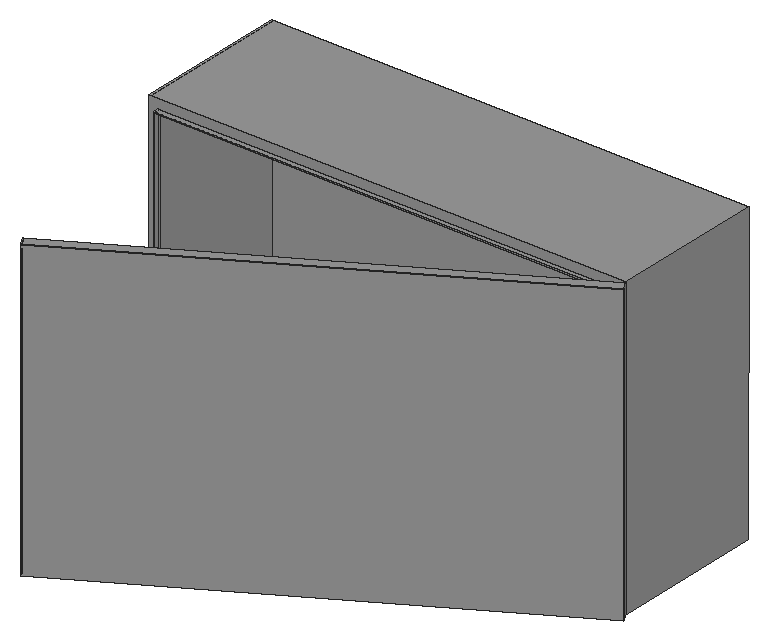
Revit family "Hager-Univers-IP55-D275-H500-Cl.II-Steel_encl-NoHosted-PT-pt", category Electrical Equipment, Revit 2020
Family settings
  Panel Configuration = Two Columns, Circuits Across
  Round Connector Dimension = Use Diameter
  Part Type = Panelboard
  Work Plane-Based = Yes
  Always vertical = Yes
  Cut with Voids When Loaded = No
  Shared = No
  Room Calculation Point = No
Parameters (values of type "Montagem em superfície (gesso) IP55 L800 A500 P275  - FR33S")
  Width Control [instance] = if([EF000008 - Largura] > Min Width, [EF000008 - Largura], Min Width)  # 800 mm
  Type Comments = [HG000003 - Gama]  # "Univers"
  Thickness Door [instance] = if([EF009171 - Espessura do material da porta/tampa] > 3 mm, 3 mm, [EF009171 - Espessura do material da porta/tampa])  # 1.5 mm
  Seal Frame Offset [instance] = 17 mm  # constant formula
  Plinth Visibility [instance] = [HG000027 - Altura da Plinta] > 0 mm  # no
  Min Width [instance] = 100 mm  # constant formula
  Min Depth [instance] = (2 * [EF009170 - Espessura do material do invólucro]) + 1 mm  # 4 mm
  Min Height [instance] = 100 mm  # constant formula
  Internal Frame Depth [instance] = (Door System Depth * 0.5)  # 9 mm
  Panel Name [instance] = ""  # (empty or 0)
  Model = ""
  HG000027 - Altura da Plinta = 0 mm
  HG000026 - Instalação no chão = no
  HG000024 - Altura da secção inferior = 600 mm
  HG000023 - Recinto de secção dupla = no
  HG000016 - Visibilidade da porta 3D [instance] = yes
  HG000015 - Visibilidade através da porta [instance] = no
  HG000014 - Porta à direita [instance] = yes
  HG000013 - Porta à esquerda [instance] = not([HG000014 - Porta à direita])  # no
  HG000012 - Ângulo de abertura de porta [instance] = 30.00°
  HG000010 - Portas assimétricas = no
  HG000009 - Porta dupla = no
  HG000006 - Encastrado = no
  HG000004 - Referência do Fabricante = "FR33S"
  HG000003 - Gama = "Univers"
  HG000002 - Com porta ou tampa = yes
  Frame Offset Bottom [instance] = 10 mm  # constant formula
  Frame Offset [instance] = 15 mm  # constant formula
  EF015940 - Tampa com libertação de sobrepressão = no
  EF011959 - Grau de proteção (NEMA) = ""
  EF009554 - Número de aberturas para placas de flange = 6
  EF009212 - Tipo de tampa = "EV000116 - Fechado"
  EF009171 - Espessura do material da porta/tampa = 1.5 mm
  EF009170 - Espessura do material do invólucro = 1.5 mm
  EF008873 - Corrente nominal (In) = 800 A
  EF007800 - Adequado para proteção contra raios = no
  EF006306 - Com fecho = no
  EF006244 - Tampa/porta transparente = no
  EF005474 - Grau de proteção (IP) = "EV006420 - IP55"
  EF004464 - Tipo de porta = "EV002646 - Único"
  EF004427 - Número de módulos = 108
  EF004293 - Força de impacto = "EV008784 - IK10"
  EF003532 - Adequado para uso no exterior = no
  EF002950 - Largura em número de módulos = 24
  EF001613 - Integridade do circuito = "EV000494 - Nenhum"
  EF001596 - Material do corpo = "EV000179 - Aço"
  EF001131 - Profundidade interior = 275 mm
  EF001088 - Extensão possível = yes
  EF000437 - Número de entradas de condutores = 6
  EF000339 - Tipo de difusor = "EV004216 - Porta"
  EF000266 - Número de linhas = 3
  EF000218 - Profundidade incorporada = 0 mm
  EF000118 - Com tampa de montagem = no
  EF000116 - Número RAL = "7035"
  EF000049 - Profundidade = 275 mm
  EF000040 - Altura = 500 mm
  EF000008 - Largura = 800 mm
  EF000007 - Cor = "EV000270 - Cinzento"
  EF000003 - Método de montagem = "EV000384 - Montagem em superfície (gesso)"
  Door System Leaf Tolerance [instance] = 1.5 mm  # constant formula
  Door System Depth [instance] = 18 mm  # constant formula
  Door Height [instance] = Height Control - [HG000027 - Altura da Plinta]  # 500 mm
  Description = ""
  Default Elevation = 1219.2 mm
  Connector Offset [instance] = Height Control / 2  # 250 mm
  Manufacturer = "Hager"  # constant formula
  Height Control [instance] = if([EF000040 - Altura] > Min Height, [EF000040 - Altura], Min Height)  # 500 mm
  Depth Control [instance] = if([EF000049 - Profundidade] > Min Depth, [EF000049 - Profundidade], Min Depth)  # 275 mm
  Bottom Top Plate Trim [instance] = 1.5 mm  # constant formula
  Plinth height Ctrl [instance] = if([HG000027 - Altura da Plinta] > 0 mm, [HG000027 - Altura da Plinta], 12 mm)  # 12 mm
Types (5, lengths in mm): name | Width Control | HG000010 - Portas assimétricas | HG000009 - Porta dupla | HG000004 - Referência do Fabricante | EF009554 - Número de aberturas para placas de flange | EF004464 - Tipo de porta | EF004427 - Número de módulos | EF000437 - Número de entradas de condutores | EF000008 - Largura
  Montagem em superfície (gesso) IP55 L1050 A500 P275  - FR34S | 1050 | no | yes | "FR34S" | 8 | "EV003602 - Duplo" | 144 | 8 | 1050
  Montagem em superfície (gesso) IP55 L1300 A500 P275  - FR35S | 1300 | yes | yes | "FR35S" | 10 | "EV003602 - Duplo" | 180 | 10 | 1300
  Montagem em superfície (gesso) IP55 L300 A500 P275  - FR31S | 300 | no | no | "FR31S" | 2 | "EV002646 - Único" | 36 | 2 | 300
  Montagem em superfície (gesso) IP55 L550 A500 P275  - FR32S | 550 | no | no | "FR32S" | 4 | "EV002646 - Único" | 72 | 4 | 550
  Montagem em superfície (gesso) IP55 L800 A500 P275  - FR33S | 800 | no | no | "FR33S" | 6 | "EV002646 - Único" | 108 | 6 | 800
Reference planes
  plane 1 "Center (Front/Back)": y = 0
  plane 2: z = 0
  plane 3 "Center (Left/Right)": x = 0
  plane 4: y = 0
  plane 5: y = 0
  plane 6: z = 0
  plane 7: x = -400
  plane 8: x = 400
  plane 9: x = 398.5
  plane 10: x = -398.5
  plane 11: z = 0
  plane 12: z = 1.5
  plane 13: y = -275
  plane 14: y = -1.5
  plane 15: x = 0
  plane 16: y = -257
  plane 17: y = -273.5
  plane 18: y = -255.5
  plane 19: x = -383.5
  plane 20: x = 383.5
  plane 21: z = 11.5
  plane 22: x = -383
  plane 23: x = 383
  plane 24: z = 0
  plane 25: z = 500
  plane 26: z = 500
  plane 27: z = 483.5
  plane 28: z = 498.5
Forms (mm)
  Extrusion 1, solid, material "Hager_Steel_RAL7035_Light_Grey", detail levels medium+fine
    sketch origin (-208.679, -4572, 0) x (-1, 0, 0) y (0, -1, 0)
      loop
        line (191.321, -4315) -> (-608.679, -4315) -> (-608.679, -4572) -> (191.321, -4572) -> (191.321, -4315)
    from 0 to 500
  Extrusion 2, void
    sketch origin (-350.771, -275, 1219.2) x (1, 0, 0) y (0, 0, 1)
      loop
        line (-47.729, -720.7) -> (-47.729, -1217.7) -> (749.271, -1217.7) -> (749.271, -720.7) -> (-47.729, -720.7)
    from -19.5 to -273.5
  Extrusion 3, void
    sketch origin (-290.084, -257, 1219.2) x (1, 0, 0) y (0, 0, 1)
      loop
        line (-93.416, -1207.7) -> (673.584, -1207.7) -> (673.584, -735.7) -> (-93.416, -735.7) -> (-93.416, -1207.7)
    from 0 to -1.5
  Extrusion 4, solid, material "Hager_Steel_RAL7035_Light_Grey", visible <- "Plinth Visibility", detail levels medium+fine
    sketch origin (0, 0, 0) x (1, 0, 0) y (0, 1, 0)
      loop
        line (-400, 0) -> (-400, -257) -> (400, -257) -> (400, 0) -> (-400, 0)
    from 0 to 12 <- "Plinth height Ctrl"
  Extrusion 5, solid, material "Hager_Steel_RAL7035_Light_Grey", detail levels coarse
    sketch origin (0, 0, 0) x (1, 0, 0) y (0, 1, 0)
      loop
        line (-400, 0) -> (-400, -275) -> (400, -275) -> (400, 0) -> (-400, 0)
    from 0 to 500 <- "Height Control"
  Sweep 6, void
    path in 3D
      loop
        line (-400, -257, 12) -> (400, -257, 12) -> (400, 0, 12) -> (-400, 0, 12) -> (-400, -257, 12)
    profile origin (-400, -128.5, 12) x (1, 0, 0) y (0, 0, 1)
      loop
        line (0, 0) -> (0, -1.5) -> (1.5, -1.5)
        arc (1.5, -1.5) -> (1.061, -0.439) -> (0, 0) r 1.5
  Extrusion 7, solid, material "Hager_Steel_RAL7035_Light_Grey", detail levels fine
    sketch origin (-400, -257, 0) x (1, 0, 0) y (0, 0, 1)
      loop
        line (16.5, 11.5) -> (783.5, 11.5) -> (783.5, 483.5) -> (16.5, 483.5) -> (16.5, 11.5)
      loop
        line (15, 10) -> (785, 10) -> (785, 485) -> (15, 485) -> (15, 10)
    from 0 to 9 <- "Internal Frame Depth"
Cuts and joins
  Extrusion 2, Extrusion 3 cuts Extrusion 1
  Sweep 6 cuts Extrusion 4
Lines and regions (mm)
  Masking region 1
    outline origin (0, 0, 0) x (1, 0, 0) y (0, 1, 0)
      loop
        line (-400, 0) -> (-400, -275) -> (400, -275) -> (400, 0) -> (-400, 0)
  Masking region 2, detail levels coarse
    outline origin (-290.084, -257, 1219.2) x (-1, 0, 0) y (0, 0, 1)
      loop
        line (-690.084, -1219.2) -> (109.916, -1219.2) -> (109.916, -719.2) -> (-690.084, -719.2) -> (-690.084, -1219.2)
  Masking region 3, detail levels coarse
    outline origin (0, 0, 0) x (0, 1, 0) y (0, 0, 1)
      loop
        line (0, 0) -> (0, 500) -> (-275, 500) -> (-275, 0) -> (0, 0)
  Masking region 4, visible <- "Plinth Visibility", detail levels medium+fine
    outline origin (0, 0, 0) x (0, 1, 0) y (0, 0, 1)
      loop
        line (-1.5, 12) -> (-255.5, 12)
        arc (-255.5, 12) -> (-255.939, 10.939) -> (-257, 10.5) r 1.5
        line (-257, 10.5) -> (-257, 0) -> (0, 0) -> (0, 10.5)
        arc (0, 10.5) -> (-1.061, 10.939) -> (-1.5, 12) r 1.5
  Masking region 5, detail levels medium+fine
    outline origin (0, 0, 594.038) x (0, 1, 0) y (0, 0, 1)
      loop
        line (0, -594.038) -> (0, -94.038) -> (-257, -94.038) -> (-257, -594.038) -> (0, -594.038)
  Masking region 6, detail levels medium+fine
    outline origin (-359.7, -257, 1211.883) x (-1, 0, 0) y (0, 0, 1)
      loop
        line (-759.7, -1211.883) -> (40.3, -1211.883) -> (40.3, -711.883) -> (-759.7, -711.883) -> (-759.7, -1211.883)
  Masking region 7, visible <- "Plinth Visibility", detail levels medium+fine
    outline origin (-320.334, -257, 1041.368) x (-1, 0, 0) y (0, 0, 1)
      loop
        line (-720.334, -1041.368) -> (79.666, -1041.368) -> (79.666, -1030.868)
        arc (79.666, -1030.868) -> (78.606, -1030.429) -> (78.166, -1029.368) r 1.5
        line (78.166, -1029.368) -> (-718.834, -1029.368)
        arc (-718.834, -1029.368) -> (-719.273, -1030.429) -> (-720.334, -1030.868) r 1.5
        line (-720.334, -1030.868) -> (-720.334, -1041.368)
  sketch lines
    curve 1: line (-400, 0, 12) -> (-400, -257, 12)
    curve 2: line (-400, -257, 12) -> (400, -257, 12)
    curve 3: line (400, 0, 12) -> (-400, 0, 12)
    curve 4: line (400, -257, 12) -> (400, 0, 12)
Dimensions and locks
  locked: plane 1 "Center (Front/Back)" to plane 5
  "EF009170 - Espessura do material do invólucro": plane 7 to plane 10
  "EF009170 - Espessura do material do invólucro": plane 8 to plane 9
  equal spacing: plane 7, plane 3 "Center (Left/Right)", plane 8
  "Width Control": plane 7 to plane 8
  "Depth Control": plane 4 to plane 13
  "EF009170 - Espessura do material do invólucro": plane 4 to plane 14
  "Height Control": plane 25 to level
  "HG000027 - Altura da Plinta": plane 11 to level
  "EF009170 - Espessura do material do invólucro": plane 12 to plane 11
  "EF009170 - Espessura do material do invólucro": plane 17 to plane 13
  "EF009170 - Espessura do material do invólucro": plane 18 to plane 16
  "Frame Offset Bottom": plane 21 to plane 12
  "Frame Offset": plane 10 to plane 19
  "Frame Offset": plane 9 to plane 20
  "Door System Depth": plane 16 to plane 13
  "Seal Frame Offset": plane 7 to plane 22
  "Seal Frame Offset": plane 8 to plane 23
  "EF009170 - Espessura do material do invólucro": plane 26 to plane 28
  "Frame Offset": plane 28 to plane 27
  "Connector Offset": plane 2 to connector elem
  "Bottom Top Plate Trim": profile plane to Sweep 6 sketch curve
  "Bottom Top Plate Trim": Sweep 6 sketch curve to Sweep 6 sketch curve
  "Plinth height Ctrl": Masking region 4 sketch curve to level
  "Plinth height Ctrl": Masking region 7 sketch curve to level
  "Thickness Door": Extrusion 7 sketch curve to Extrusion 7 sketch curve  (x4)
  "Bottom Top Plate Trim": radius of Sweep 6 sketch curve
  "Bottom Top Plate Trim": radius of Masking region 4 sketch curve  (x2)
  "Bottom Top Plate Trim": radius of Masking region 7 sketch curve  (x2)
  aligned and locked: Extrusion 2 sketch curve to plane 12
  aligned and locked: Extrusion 2 sketch curve to plane 9
  aligned and locked: Extrusion 2 sketch curve to plane 10
  aligned and locked: Extrusion 2 to plane 14
  aligned and locked: Extrusion 1 sketch curve to plane 4
  aligned and locked: plane 8 to Extrusion 1 sketch curve
  aligned and locked: plane 7 to Extrusion 1 sketch curve
  aligned and locked: Extrusion 2 to plane 18
  aligned and locked: plane 19 to Extrusion 3 sketch curve
  aligned and locked: plane 20 to Extrusion 3 sketch curve
  aligned and locked: Extrusion 3 to Extrusion 2
  aligned and locked: Extrusion 3 sketch curve to plane 21
  aligned and locked: plane 3 "Center (Left/Right)" to nested 1
  aligned and locked: Extrusion 1 sketch curve to plane 16
  aligned and locked: Extrusion 4 sketch curve to cut or joined group of Extrusion 1, Extrusion 2, Extrusion 3
  aligned and locked: Masking region 1 sketch curve to plane 7
  aligned and locked: Masking region 1 sketch curve to plane 5
  aligned and locked: Masking region 1 sketch curve to plane 8
  aligned and locked: Masking region 2 sketch curve to level
  aligned and locked: level to Masking region 3 sketch curve
  aligned and locked: plane 1 "Center (Front/Back)" to Masking region 3 sketch curve
  aligned and locked: plane 13 to Masking region 3 sketch curve
  aligned and locked: plane 5 to Masking region 4 sketch curve
  aligned and locked: Masking region 2 sketch curve to plane 8
  aligned and locked: Masking region 2 sketch curve to plane 7
  aligned and locked: plane 7 to nested 2
  aligned and locked: nested 2 to plane 5
  aligned and locked: plane 5 to Masking region 5 sketch curve
  aligned and locked: plane 26 to Masking region 5 sketch curve
  aligned and locked: Extrusion 5 sketch curve to plane 8
  aligned and locked: Extrusion 5 sketch curve to plane 7
  aligned and locked: Extrusion 5 sketch curve to plane 5
  aligned and locked: Extrusion 3 sketch curve to plane 27
  aligned and locked: Extrusion 2 sketch curve to plane 28
  aligned and locked: Masking region 2 to plane 25
  aligned and locked: Extrusion 4 to plane 16
  aligned and locked: profile plane to Sweep 6 sketch curve
  aligned and locked: Masking region 5 sketch curve to plane 24
  aligned and locked: level to Masking region 4 sketch curve
  aligned and locked: Masking region 1 to plane 13
  aligned and locked: nested 1 to plane 16
  aligned and locked: Masking region 3 to plane 25
  aligned and locked: plane 16 to Masking region 4 sketch curve
  aligned and locked: Masking region 5 sketch curve to plane 16
  aligned and locked: plane 24 to plane 11
  aligned and locked: plane 26 to plane 25
  aligned and locked: plane 26 to cut or joined group of Extrusion 1, Extrusion 2, Extrusion 3
  aligned and locked: nested 1 to plane 24
  aligned and locked: Extrusion 1 to Extrusion 3
  aligned and locked: Masking region 6 sketch curve to plane 8
  aligned and locked: Masking region 6 sketch curve to plane 24
  aligned and locked: Masking region 6 sketch curve to plane 7
  aligned and locked: Masking region 6 sketch curve to plane 26
  aligned and locked: Masking region 7 sketch curve to plane 7
  aligned and locked: level to Masking region 7 sketch curve
  aligned and locked: Masking region 7 sketch curve to plane 8
  aligned and locked: Extrusion 7 sketch curve to cut or joined group of Extrusion 1, Extrusion 2, Extrusion 3  (x4)
Automatic sketch dimensions
  plane 19 to Extrusion 3 sketch curve = 0 mm
  Extrusion 3 sketch curve to plane 20 = 0 mm
  Extrusion 3 sketch curve to plane 21 = 0 mm
  Extrusion 4 sketch curve to plane 7 = 0 mm
  Extrusion 4 sketch curve to plane 8 = 0 mm
  Extrusion 4 sketch curve to plane 16 = 0 mm
  Masking region 1 sketch curve to plane 13 = 0 mm
  Masking region 2 sketch curve to plane 25 = 0 mm
  Masking region 3 sketch curve to plane 25 = 0 mm
  Extrusion 5 sketch curve to plane 13 = 0 mm
  profile plane to Sweep 6 sketch curve = 0 mm
Nested families
  nested 1: "EC000058_Univers_Door" at (0, -257, 0), Double <- "HG000009 - Porta dupla", Transparent <- "EF006244 - Tampa/porta transparente", Angle <- "HG000012 - Ângulo de abertura de porta", Door_Right <- "HG000014 - Porta à direita", Assymetrical <- "HG000010 - Portas assimétricas", Door <- "HG000002 - Com porta ou tampa", Width_Ctrl <- "Width Control", 3d_Door <- "HG000016 - Visibilidade da porta 3D", Clearance <- "HG000015 - Visibilidade através da porta", Door_Left <- "HG000013 - Porta à esquerda", Width <- "Width Control", Door_Depth <- "Door System Depth", Leaf_Tolerance <- "Door System Leaf Tolerance", Height <- "Door Height", Lock_Visibility <- "EF006306 - Com fecho", Thickness <- "Thickness Door", type "EC000058_Univers_Door", detail levels medium+fine
    with min_wh 4 mm, Width_Ctrl 800 mm, Width 800 mm, Transparent no, Thickness 1.5 mm, Seal_Material Hager_Rubber, Lock_Visibility no, Lock_Material Hager_Plastic_RAL9005_Jet_Black, Leaf_Width 800 mm, Leaf_Tolerance_External_Sides 0 mm, Leaf_Tolerance 1.5 mm, Leaf_Offset 0 mm, Leaf_Height 497 mm, Leaf_2_Width 800 mm, Leaf_2_Offset 400 mm, Leaf_1_Width 800 mm, Leaf_1_Offset 400 mm, Height_Ctrl 500 mm, Height 500 mm, Glass_Material Hager_Glass, Double_Clearance_Ctrl no, Double no, Door_Right_Ctrl yes, Door_Right yes, Door_Material Hager_Steel_RAL7035_Light_Grey, Door_Left_Ctrl no, Door_Left no, Door_Depth 18 mm, Door yes, Clearance_Material Hager_Clearance, Clearance_Depth 800 mm, Clearance_Ctrl no, Clearance no, Assymetrical no, Angle 30.00°, 3d_Door yes
  nested 2: "Hager_Enclosure_Symbol" at (-400, 0, 0), Height <- "Depth Control", Width <- "Width Control", type "Hager_Enclosure_Symbol"
    with Width_Ctrl 800 mm, Width 800 mm, Height_Ctrl 275 mm, Height 275 mm, A_Width_Int 18.047 mm, A_Width 216.562 mm, A_Height_Ctrl 240.625 mm, A_Height 240.625 mm
Connectors
  electrical at (0, 0, 250)
    settings: on plane 1 "Center (Front/Back)", index 1, voltage 0 V, apparent load 0 VA, apparent load phase1 0 VA, apparent load phase2 0 VA, apparent load phase3 0 VA, power factor 1, load classification "Other", number of poles 1, system type 30, power factor state 1, is connector primary yes, connector utility no, sub classification motor no, connector description ""
Definition of nested family "EC000058_Univers_Door"
  Parameters (values of type "EC000058_Univers_Door")
    min_wh [instance] = (2 * Thickness) + 1 mm  # 11 mm
    Width_Ctrl [instance] = 400 mm
    Width [instance] = 500 mm
    Transparent [instance] = yes
    Thickness [instance] = 5 mm
    Seal_Material [instance] = none
    Lock_Visibility [instance] = yes
    Lock_Material [instance] = none
    Leaf_Width [instance] = if((Width_Ctrl - 2 * Leaf_Tolerance_External_Sides) > 0 mm, (Width_Ctrl - 2 * Leaf_Tolerance_External_Sides), min_wh)  # 400 mm
    Leaf_Tolerance_External_Sides [instance] = 0 mm  # constant formula
    Leaf_Tolerance [instance] = 1.5 mm
    Leaf_Offset [instance] = 0 mm  # constant formula
    Leaf_Height [instance] = if((Height_Ctrl - 2 * Leaf_Tolerance) > 0 mm, (Height_Ctrl - 2 * Leaf_Tolerance), min_wh)  # 497 mm
    Leaf_2_Width [instance] = if(and(and(Double, Assymetrical), Door_Left), (Leaf_Width / 3) - (Leaf_Tolerance / 2), if(and(and(Double, Assymetrical), Door_Right), (Leaf_Width / 3) * 2 - (Leaf_Tolerance / 2), if(and(Double, not(Assymetrical)), (Leaf_Width / 2) - Leaf_Tolerance, Leaf_Width)))  # 400 mm
    Leaf_2_Offset [instance] = if(and(Double, Assymetrical), Leaf_2_Width / 2, if(and(Double, not(Assymetrical)), Leaf_Width / 4, Leaf_Width / 2))  # 200 mm
    Leaf_1_Width [instance] = if(and(and(Double, Assymetrical), Door_Right), (Leaf_Width / 3) - (Leaf_Tolerance / 2), if(and(and(Double, Assymetrical), Door_Left), (Width / 3) * 2 - (Leaf_Tolerance / 2), if(and(Double, not(Assymetrical)), (Leaf_Width / 2) - Leaf_Tolerance, Leaf_Width)))  # 400 mm
    Leaf_1_Offset [instance] = if(and(Double, Assymetrical), Leaf_1_Width / 2, if(and(Double, not(Assymetrical)), Leaf_Width / 4, Leaf_Width / 2))  # 200 mm
    Height_Ctrl [instance] = if(Height > min_wh, Height, min_wh)  # 500 mm
    Height [instance] = 500 mm
    Glass_Material [instance] = none
    Double_Clearance_Ctrl [instance] = and(Double, Clearance)  # no
    Double [instance] = no
    Door_Right_Ctrl [instance] = and(or(Door_Right, Double), Door)  # yes
    Door_Right [instance] = yes
    Door_Material [instance] = none
    Door_Left_Ctrl [instance] = and(or(Door_Left, Double), Door)  # no
    Door_Left [instance] = no
    Door_Depth [instance] = 30 mm
    Door [instance] = yes
    Default Elevation = 1219.2 mm
    Clearance_Material [instance] = none
    Clearance_Depth [instance] = if(Leaf_1_Width > Leaf_2_Width, Leaf_1_Width, Leaf_2_Width)  # 400 mm
    Clearance_Ctrl [instance] = and(not(Double), Clearance)  # yes
    Clearance [instance] = yes
    Assymetrical [instance] = yes
    Angle [instance] = 30.00°
    3d_Door [instance] = yes
  Reference planes
    plane 1 "Center (Front/Back)": y = 0
    plane 2 "Bottom": z = 0
    plane 3 "Center (Left/Right)": x = 0
    plane 4: z = 500
    plane 5: x = -200
    plane 6: x = 200
    plane 7: z = 500
    plane 8: x = -200
    plane 9: z = 0
    plane 10: x = 200
    plane 11: y = 0
    plane 12: z = 1.5
    plane 13: x = -600
    plane 14: y = -400
    plane 15: x = 600
    plane 16: x = 0
    plane 17: x = 0
    plane 18: x = -200
    plane 19: x = 200
    plane 20: z = 498.5
  Forms (mm)
    Extrusion 1, solid, material <- "Clearance_Material", visible <- "Double_Clearance_Ctrl"
      sketch origin (1200, 0, 0) x (1, 0, 0) y (0, 0, -1)
        loop
          line (-1800, -498.5) -> (-600, -498.5) -> (-600, 0) -> (-1800, 0) -> (-1800, -498.5)
      from 0 to -400
  Dimensions and locks
    equal spacing: plane 5, plane 3 "Center (Left/Right)", plane 6
    "Width_Ctrl": plane 5 to plane 6
    "Leaf_Offset": plane 5 to plane 8
    "Leaf_Offset": plane 6 to plane 10
    "Leaf_Offset": plane 9 to level
    "Leaf_Offset": plane 4 to plane 7
    "Height_Ctrl": plane 4 to level
    "Leaf_Tolerance": plane 12 to plane 9
    locked: plane 11 to plane 1 "Center (Front/Back)"
    "Leaf_1_Offset": plane 18 to plane 16
    "Leaf_2_Offset": plane 17 to plane 19
    "Leaf_1_Width": plane 13 to plane 8
    "Leaf_2_Width": plane 10 to plane 15
    "Clearance_Depth": plane 14 to plane 1 "Center (Front/Back)"
    "Leaf_Tolerance_External_Sides": plane 8 to plane 18
    "Leaf_Tolerance_External_Sides": plane 19 to plane 10
    "Leaf_Tolerance": plane 7 to plane 20
    aligned and locked: level to plane 2 "Bottom"
    aligned and locked: nested 1 to plane 16
    aligned and locked: nested 2 to plane 17
    aligned and locked: Extrusion 1 to plane 13
    aligned and locked: plane 15 to Extrusion 1
    aligned and locked: Extrusion 1 to plane 14
    aligned and locked: plane 12 to nested 1
    aligned and locked: nested 2 to plane 12
    aligned and locked: Extrusion 1 to plane 11
    aligned and locked: plane 20 to Extrusion 1
    aligned and locked: nested 2 to plane 11
    aligned and locked: nested 1 to plane 11
  Automatic sketch dimensions
    Extrusion 1 sketch curve to level = 0 mm
    plane 5 to Extrusion 1 sketch curve = 400 mm
    plane 6 to Extrusion 1 sketch curve = 400 mm
    Extrusion 1 sketch curve to plane 4 = 1.5 mm
  Nested families
    nested 1: "EC000058_Univers_Door_Leaf" at (0, 0, 1.5), Width <- "Leaf_1_Width", visible <- "Door_Left_Ctrl", Leaf_Height <- "Leaf_Height", Angle <- "Angle", 3d_Door <- "3d_Door", Transparent <- "Transparent", Clearance Material <- "Clearance_Material", Clearance <- "Clearance_Ctrl", Door_Material <- "Door_Material", Glass_Material <- "Glass_Material", Door_Depth <- "Door_Depth", Lock_Material <- "Lock_Material", Seal_Material <- "Seal_Material", Lock_Visibility <- "Lock_Visibility", Thickness <- "Thickness", type "EC000058_Univers_Door_Leaf"
      with Width 400 mm, Transparent_Glass_Offset 30 mm, Transparent_Ctrl yes, Transparent yes, Thickness 5 mm, Standard no, Seal_Material none, Seal_D2 8 mm, Seal_D1 1 mm, Offset_Internal_Frame 10 mm, Lock_Width 20 mm, Lock_Visibility_3d yes, Lock_Visibility yes, Lock_Thickness_3 3 mm, Lock_Thickness_2 1 mm, Lock_Thickness_1 3 mm, Lock_Radius_Offset_2 16 mm, Lock_Radius_Offset_1 15 mm, Lock_Radius_2 5 mm, Lock_Radius 6 mm, Lock_Offset 5 mm, Lock_Material none, Lock_Height 80 mm, Lock_Cover_Top_Offset_2d 17 mm, Lock_Cover_Height -65 mm, Leaf_Height 497 mm, Internal_Seal_Thickness 8 mm, Internal_Seal_Depth_2 4.5 mm, Internal_Frame_Depth 25 mm, Glass_Thickness -1 mm, Glass_Offset -2 mm, Glass_Material none, Door_Material none, Door_Depth 30 mm, Clearance Material none, Clearance yes, Angle_Ctrl 30.00°, Angle 30.00°, 3d_Door yes
    nested 2: "EC000058_Univers_Door_Leaf" at (0, 0, 1.5) x (-1, 0, 0) z (0, 0, 1), Width <- "Leaf_2_Width", visible <- "Door_Right_Ctrl", Leaf_Height <- "Leaf_Height", Angle <- "Angle", 3d_Door <- "3d_Door", Transparent <- "Transparent", Clearance Material <- "Clearance_Material", Clearance <- "Clearance_Ctrl", Door_Material <- "Door_Material", Glass_Material <- "Glass_Material", Door_Depth <- "Door_Depth", Lock_Material <- "Lock_Material", Seal_Material <- "Seal_Material", Lock_Visibility <- "Lock_Visibility", Thickness <- "Thickness", type "EC000058_Univers_Door_Leaf"
      with Width 400 mm, Transparent_Glass_Offset 30 mm, Transparent_Ctrl yes, Transparent yes, Thickness 5 mm, Standard no, Seal_Material none, Seal_D2 8 mm, Seal_D1 1 mm, Offset_Internal_Frame 10 mm, Lock_Width 20 mm, Lock_Visibility_3d yes, Lock_Visibility yes, Lock_Thickness_3 3 mm, Lock_Thickness_2 1 mm, Lock_Thickness_1 3 mm, Lock_Radius_Offset_2 16 mm, Lock_Radius_Offset_1 15 mm, Lock_Radius_2 5 mm, Lock_Radius 6 mm, Lock_Offset 5 mm, Lock_Material none, Lock_Height 80 mm, Lock_Cover_Top_Offset_2d 17 mm, Lock_Cover_Height -65 mm, Leaf_Height 497 mm, Internal_Seal_Thickness 8 mm, Internal_Seal_Depth_2 4.5 mm, Internal_Frame_Depth 25 mm, Glass_Thickness -1 mm, Glass_Offset -2 mm, Glass_Material none, Door_Material none, Door_Depth 30 mm, Clearance Material none, Clearance yes, Angle_Ctrl 30.00°, Angle 30.00°, 3d_Door yes
  Definition of nested family "EC000058_Univers_Door_Leaf"
    Parameters (values of type "EC000058_Univers_Door_Leaf")
      Width [instance] = 2000 mm
      Transparent_Glass_Offset [instance] = 30 mm
      Transparent_Ctrl [instance] = and(Transparent, [3d_Door])  # yes
      Transparent [instance] = yes
      Thickness [instance] = 5 mm
      Standard [instance] = and(not(Transparent), [3d_Door])  # no
      Seal_Material [instance] = none
      Seal_D2 [instance] = 8 mm  # constant formula
      Seal_D1 [instance] = 1 mm  # constant formula
      Offset_Internal_Frame [instance] = 10 mm  # constant formula
      Lock_Width [instance] = 20 mm  # constant formula
      Lock_Visibility_3d [instance] = and(Lock_Visibility, [3d_Door])  # yes
      Lock_Visibility [instance] = yes
      Lock_Thickness_3 [instance] = 3 mm  # constant formula
      Lock_Thickness_2 [instance] = 1 mm  # constant formula
      Lock_Thickness_1 [instance] = 3 mm  # constant formula
      Lock_Radius_Offset_2 [instance] = Lock_Radius_Offset_1 + 1 mm  # 16 mm
      Lock_Radius_Offset_1 [instance] = 15 mm  # constant formula
      Lock_Radius_2 [instance] = Lock_Radius - 1 mm  # 5 mm
      Lock_Radius [instance] = 6 mm  # constant formula
      Lock_Offset [instance] = 5 mm  # constant formula
      Lock_Material [instance] = none
      Lock_Height [instance] = 80 mm  # constant formula
      Lock_Cover_Top_Offset_2d [instance] = Lock_Radius_Offset_2 + 1 mm  # 17 mm
      Lock_Cover_Height [instance] = -(Lock_Height - Lock_Radius_Offset_1)  # -65 mm
      Leaf_Height [instance] = 2720.336 mm
      Internal_Seal_Thickness [instance] = 8 mm  # constant formula
      Internal_Seal_Depth_2 [instance] = 4.5 mm  # constant formula
      Internal_Frame_Depth [instance] = if(Door_Depth - Thickness > 5 mm, Door_Depth - Thickness, 5 mm)  # 25 mm
      Glass_Thickness [instance] = if(Thickness > 15 mm, Glass_Offset + 10 mm, -1 mm)  # -1 mm
      Glass_Offset [instance] = if(Thickness > 15 mm, -(Thickness + 10 mm) / 2, -2 mm)  # -2 mm
      Glass_Material [instance] = none
      Door_Material [instance] = none
      Door_Depth [instance] = 30 mm
      Default Elevation = 0 mm
      Clearance Material [instance] = none
      Clearance [instance] = yes
      Angle_Ctrl [instance] = if(Angle > 180.00°, 180.00°, Angle)  # 90.00°
      Angle [instance] = 90.00°
      3d_Door [instance] = yes
    Reference planes
      plane 1 "Center (Front/Back)": y = 0
      plane 2: z = 0
      plane 3 "Center (Left/Right)": x = 0
      plane 4: y = 2000
      plane 5: x = -1000
      plane 6: x = 1000
      plane 7: x = -3000
      plane 8: z = 2720.336
      plane 9: z = 30
      plane 10: z = 2690.336
      plane 11: x = 970
      plane 12: x = -970
      plane 13: y = -3
      plane 14: z = 107.833
      plane 15: y = -5
      plane 16: y = -223.314
      plane 17: x = -1000
      plane 18: z = 1360.168
      plane 19: y = 30
    Forms (mm)
      Extrusion 1, solid, material <- "Clearance Material", visible <- "Clearance"
        sketch origin (0, 0, 0) x (1, 0, 0) y (0, 0, 1)
          loop
            line (-3000, 2720.336) -> (-3000, 0) -> (1000, 0) -> (1000, 2720.336) -> (-3000, 2720.336)
        from 0 to -2000
      Extrusion 2, solid, material <- "Door_Material", visible <- "Standard", detail levels medium+fine
        sketch origin (-1000, 0, 0) x (0, 1, 0) y (-1, 0, 0)
          loop
            line (0, 30) -> (0, 25) -> (2000, 25) -> (2000, 30) -> (0, 30)
        from 0 to 2720.336 <- "Leaf_Height"
      Extrusion 3, solid, material <- "Door_Material", visible <- "Transparent_Ctrl", detail levels medium+fine
        sketch origin (-1000, 0, 0) x (0, 1, 0) y (-1, 0, 0)
          loop
            line (0, 25) -> (2000, 25) -> (2000, 30) -> (0, 30) -> (0, 25)
        from 0 to 2720.336 <- "Leaf_Height"
      Extrusion 4, void
        sketch origin (-1025, 2000, 0) x (0, 1, 0) y (0, 0, -1)
          loop
            line (-30, -2690.336) -> (-30, -30) -> (-1970, -30) -> (-1970, -2690.336) -> (-30, -2690.336)
        from 0 to 5 <- "Thickness"
      Sweep 5, solid, material <- "Seal_Material", visible <- "Transparent_Ctrl", detail levels fine
        path in 3D
          loop
            line (-1025, 30, 30) -> (-1025, 30, 2690.336) -> (-1025, 1970, 2690.336) -> (-1025, 1970, 30) -> (-1025, 30, 30)
        profile origin (-1025, 1000, 30) x (1, 0, 0) y (0, 0, 1)
          loop
            line (0, 0) -> (0, -8) -> (1, -8) -> (1, 0) -> (0, 0)
      Extrusion 6, solid, material <- "Glass_Material", visible <- "Transparent_Ctrl", detail levels medium+fine
        sketch origin (-1030, 0, 0) x (0, 1, 0) y (0, 0, -1)
          loop
            line (1970, -2690.336) -> (1970, -30) -> (30, -30) -> (30, -2690.336) -> (1970, -2690.336)
        from -2 <- "Glass_Offset" to -1 <- "Glass_Thickness"
      Extrusion 7, solid, material <- "Door_Material", visible <- "3d_Door", detail levels medium+fine
        sketch origin (-1025, 2000, 0) x (0, -1, 0) y (0, 0, -1)
          loop
            line (0, -2720.336) -> (2000, -2720.336) -> (2000, 0) -> (0, 0) -> (0, -2720.336)
          loop
            line (1995, -5) -> (5, -5) -> (5, -2715.336) -> (1995, -2715.336) -> (1995, -5)
        from 0 to 25 <- "Internal_Frame_Depth"
      Sweep 8, solid, material <- "Seal_Material", visible <- "Transparent_Ctrl", detail levels fine
        path in 3D
          loop
            line (-1025, 0, 0) -> (-1025, 2000, 0) -> (-1025, 2000, 2720.336) -> (-1025, 0, 2720.336) -> (-1025, 0, 0)
        profile origin (-1025, 0, 1360.168) x (1, 0, 0) y (0, 1, 0)
          loop
            line (0, 10) -> (2.975, 10)
            arc (2.975, 10) -> (4.053, 10.447) -> (4.5, 11.525) r 1.525
            line (4.5, 11.525) -> (4.5, 16.527)
            arc (4.5, 16.527) -> (4.069, 17.569) -> (3.027, 18) r 1.473
            line (3.027, 18) -> (0, 18) -> (0, 10)
      Extrusion 9, solid, material <- "Lock_Material", visible <- "Lock_Visibility_3d", detail levels fine
        sketch origin (-1030, 0, 0) x (0, 1, 0) y (0, 0, -1)
          loop
            arc (1993.5, -1400.168) -> (1994.561, -1399.729) -> (1995, -1398.668) r 1.5
            line (1995, -1398.668) -> (1995, -1320.168) -> (1975, -1320.168) -> (1975, -1398.668)
            arc (1975, -1398.668) -> (1975.439, -1399.729) -> (1976.5, -1400.168) r 1.5
            line (1976.5, -1400.168) -> (1993.5, -1400.168)
        from 3 <- "Lock_Thickness_1" to 0
      Blend 10, solid, material <- "Lock_Material", visible <- "Lock_Visibility_3d", detail levels fine
        base sketch origin (-1033, 0, 0) x (0, 1, 0) y (0, 0, -1)
          loop
            line (1975, -1320.168) -> (1975, -1398.668)
            arc (1975, -1398.668) -> (1975.439, -1399.729) -> (1976.5, -1400.168) r 1.5
            line (1976.5, -1400.168) -> (1993.5, -1400.168)
            arc (1993.5, -1400.168) -> (1994.561, -1399.729) -> (1995, -1398.668) r 1.5
            line (1995, -1398.668) -> (1995, -1320.168) -> (1975, -1320.168)
        top sketch origin (-1033, 0, 0) x (0, 1, 0) y (0, 0, -1)
          loop
            line (1976, -1320.168) -> (1976, -1398.668)
            arc (1976, -1398.668) -> (1976.146, -1399.022) -> (1976.5, -1399.168) r 0.5
            line (1976.5, -1399.168) -> (1993.5, -1399.168)
            arc (1993.5, -1399.168) -> (1993.854, -1399.022) -> (1994, -1398.668) r 0.5
            line (1994, -1398.668) -> (1994, -1320.168) -> (1976, -1320.168)
        from 0 to 1 <- "Lock_Thickness_2"
      Blend 11, solid, material <- "Lock_Material", visible <- "Lock_Visibility_3d", detail levels fine
        base sketch origin (-1034, 0, 0) x (0, 1, 0) y (0, 0, -1)
          loop
            line (1978, -1320.168) -> (1978, -1384.168)
            arc (1978, -1384.168) -> (1985, -1391.168) -> (1992, -1384.168) r 7
            line (1992, -1384.168) -> (1992, -1320.168) -> (1978, -1320.168)
        top sketch origin (-1034, 0, 0) x (0, 1, 0) y (0, 0, -1)
          loop
            line (1991, -1320.168) -> (1979, -1320.168) -> (1979, -1383.168)
            arc (1979, -1383.168) -> (1985, -1389.168) -> (1991, -1383.168) r 6
            line (1991, -1383.168) -> (1991, -1320.168)
        from 0 to 3 <- "Lock_Thickness_3"
      Extrusion 12, solid, material <- "Lock_Material", visible <- "Lock_Visibility_3d", detail levels fine
        sketch origin (-1030, 1975, 1320.168) x (1, 0, 0) y (0, -1, 0)
          loop
            line (-7, -19) -> (-7, -1) -> (0, -1) -> (0, 0) -> (-8, 0) -> (-8, -20) -> (0, -20) -> (0, -19) -> (-7, -19)
        from 0 to -65 <- "Lock_Cover_Height"
      Extrusion 13, void
        sketch origin (-1038, 1995, 1320.168) x (-1, 0, 0) y (0, 0, -1)
          loop
            line (-5, -65) -> (0, -65) -> (-5, -60) -> (-5, -65)
        from 0 to 20 <- "Lock_Width"
      Extrusion 14, void
        sketch origin (-1038, 1975, 1320.168) x (0, -1, 0) y (0, 0, -1)
          loop
            circle (-10, -15.995) r 6
          loop
            circle (-10, -15.995) r 5
        from 0 to 2
      Extrusion 15, solid, material <- "Lock_Material", visible <- "Lock_Visibility_3d", detail levels medium
        sketch origin (-1030, 0, 0) x (0, 1, 0) y (0, 0, -1)
          loop
            arc (1993.5, -1400.168) -> (1994.561, -1399.729) -> (1995, -1398.668) r 1.5
            line (1995, -1398.668) -> (1995, -1320.168) -> (1975, -1320.168) -> (1975, -1398.668)
            arc (1975, -1398.668) -> (1975.439, -1399.729) -> (1976.5, -1400.168) r 1.5
            line (1976.5, -1400.168) -> (1993.5, -1400.168)
        from 8 to 0
    Cuts and joins
      Extrusion 4 cuts Extrusion 3
      Extrusion 13, Extrusion 14 cuts Extrusion 9
      Extrusion 14 cuts Blend 11
      Extrusion 13, Extrusion 14 cuts Extrusion 12
      joined: Extrusion 9, Blend 10, Blend 11, Extrusion 12
      Extrusion 14 cuts Extrusion 15
    Lines and regions (mm)
      Masking region 1, visible <- "Lock_Visibility", detail levels fine
        outline origin (0, 0, 0) x (0, 1, 0) y (0, 0, 1)
          loop
            line (30, 1320.168) -> (33, 1320.168) -> (33, 1400.168) -> (30, 1400.168) -> (30, 1320.168)
      Masking region 2, visible <- "Lock_Visibility", detail levels fine
        outline origin (0, 3.143, 0) x (0, 1, 0) y (0, 0, 1)
          loop
            line (29.857, 1354.168) -> (30.857, 1354.168) -> (30.857, 1366.168) -> (29.857, 1366.168) -> (29.857, 1354.168)
      Masking region 3, detail levels medium+fine
        outline origin (0, 0, 0) x (0, 1, 0) y (0, 0, 1)
          loop
            line (0, 0) -> (30, 0) -> (30, 2720.336) -> (0, 2720.336) -> (0, 0)
      Masking region 4, detail levels medium+fine
        outline origin (0, 0, 0) x (1, 0, 0) y (0, 0, 1)
          loop
            line (-1000, 2720.336) -> (-1000, 0) -> (1000, 0) -> (1000, 2720.336) -> (-1000, 2720.336)
      Masking region 5, visible <- "Lock_Visibility", detail levels fine
        outline origin (-47.116, 0, 0) x (1, 0, 0) y (0, 0, 1)
          loop
            arc (1024.616, 1399.168) -> (1023.556, 1398.729) -> (1023.116, 1397.668) r 1.5
            line (1023.116, 1397.668) -> (1023.116, 1320.168) -> (1041.116, 1320.168) -> (1041.116, 1397.668)
            arc (1041.116, 1397.668) -> (1040.677, 1398.729) -> (1039.616, 1399.168) r 1.5
            line (1039.616, 1399.168) -> (1024.616, 1399.168)
      Masking region 6, visible <- "Lock_Visibility", detail levels medium+fine
        outline origin (-25, 0, 0) x (1, 0, 0) y (0, 0, 1)
          loop
            arc (1001.5, 1400.168) -> (1000.439, 1399.729) -> (1000, 1398.668) r 1.5
            line (1000, 1398.668) -> (1000, 1320.168) -> (1020, 1320.168) -> (1020, 1398.668)
            arc (1020, 1398.668) -> (1019.561, 1399.729) -> (1018.5, 1400.168) r 1.5
            line (1018.5, 1400.168) -> (1001.5, 1400.168)
      Masking region 7, visible <- "Lock_Visibility", detail levels fine
        outline origin (-73.735, 0, 0) x (1, 0, 0) y (0, 0, 1)
          loop
            line (1051.735, 1382.168) -> (1065.735, 1382.168) -> (1065.735, 1384.168)
            arc (1065.735, 1384.168) -> (1058.735, 1391.168) -> (1051.735, 1384.168) r 7
            line (1051.735, 1384.168) -> (1051.735, 1382.168)
      Masking region 8, visible <- "Lock_Visibility", detail levels fine
        outline origin (-73.735, 0, 0) x (1, 0, 0) y (0, 0, 1)
          loop
            line (1052.735, 1382.168) -> (1064.735, 1382.168) -> (1064.735, 1383.168)
            arc (1064.735, 1383.168) -> (1058.735, 1389.168) -> (1052.735, 1383.168) r 6
            line (1052.735, 1383.168) -> (1052.735, 1382.168)
      Masking region 9, visible <- "Lock_Visibility", detail levels fine
        outline origin (-25, 0, 0) x (1, 0, 0) y (0, 0, 1)
          loop
            line (1020, 1320.168) -> (1020, 1382.168) -> (1000, 1382.168) -> (1000, 1320.168) -> (1020, 1320.168)
      Masking region 10, detail levels medium+fine
        outline origin (0, 0, 0) x (1, 0, 0) y (0, 0, 1)
          loop
            circle (985, 1335.144) r 6
      Masking region 11, detail levels fine
        outline origin (0, 0, 0) x (1, 0, 0) y (0, 0, 1)
          loop
            circle (985, 1335.144) r 5
      Masking region 12, visible <- "Lock_Visibility", detail levels fine
        outline origin (0, 12.767, 0) x (0, 1, 0) y (0, 0, 1)
          loop
            line (20.233, 1320.168) -> (21.233, 1320.168) -> (21.233, 1399.168) -> (20.233, 1400.168) -> (20.233, 1320.168)
      Masking region 13, visible <- "Lock_Visibility", detail levels fine
        outline origin (0, 13.767, -10) x (0, 1, 0) y (0, 0, 1)
          loop
            line (20.233, 1330.168) -> (23.233, 1330.168) -> (23.233, 1399.168) -> (20.233, 1402.168) -> (20.233, 1330.168)
      Masking region 14, visible <- "Lock_Visibility", detail levels fine
        outline origin (0, 12.767, -10) x (0, 1, 0) y (0, 0, 1)
          loop
            line (20.233, 1330.168) -> (25.233, 1330.168) -> (25.233, 1399.305) -> (20.233, 1394.305) -> (20.233, 1330.168)
      Masking region 15, visible <- "Lock_Visibility", detail levels medium
        outline origin (0, 0, 0) x (0, 1, 0) y (0, 0, 1)
          loop
            line (30, 1320.168) -> (38, 1320.168) -> (38, 1400.168) -> (30, 1400.168) -> (30, 1320.168)
      Masking region 16, visible <- "Lock_Visibility", detail levels fine
        outline origin (-1000, 0, 0) x (0, 1, 0) y (-1, 0, 0)
          loop
            line (1975, 30) -> (1995, 30) -> (1995, 38) -> (1975, 38) -> (1975, 30)
          loop
            line (1979, 37) -> (1976, 37) -> (1976, 34) -> (1978, 34) -> (1979, 37)
          loop
            line (1994, 37) -> (1991, 37) -> (1992, 34) -> (1994, 34) -> (1994, 37)
      Masking region 17, visible <- "Lock_Visibility", detail levels medium
        outline origin (-1000, 0, 0) x (0, 1, 0) y (-1, 0, 0)
          loop
            line (1975, 30) -> (1995, 30) -> (1995, 38) -> (1975, 38) -> (1975, 30)
      symbolic lines
        curve 1: line (1000, 0, 0) -> (-3000, 0, 0)
        curve 2: arc (1000, 0, 0) -> (-1000, 2000, 0) -> (-3000, 0, 0) r 2000
        curve 4: line (-1030, 0, 0) -> (-1030, 2000, 0)
      reference lines
        curve 3: line (-1000, 0, 0) -> (-1000, 2000, 0)
      symbolic lines, detail levels medium+fine
        curve 5: line (-1030, 2000, 0) -> (-1025, 2000, 0)
        curve 7: line (-1025, 0, 0) -> (-1030, 0, 0)
        curve 8: line (-1025, 0, 0) -> (-1000, 0, 0)
        curve 9: line (-1000, 0, 0) -> (-1000, 2000, 0)
        curve 10: line (-1000, 2000, 0) -> (-1025, 2000, 0)
      symbolic lines, detail levels fine
        curve 6: line (-1025, 2000, 0) -> (-1025, 0, 0)
      sketch lines
        curve 11: line (-1025, 0, 2720.336) -> (-1025, 0, 0)
        curve 12: line (-1025, 2000, 0) -> (-1025, 0, 0)
        curve 13: line (-1025, 2000, 2720.336) -> (-1025, 2000, 0)
        curve 14: line (-1025, 0, 2720.336) -> (-1025, 2000, 2720.336)
        curve 15: line (-1025, 1970, 30) -> (-1025, 30, 30)
        curve 16: line (-1025, 30, 30) -> (-1025, 30, 2690.336)
        curve 17: line (-1025, 1970, 2690.336) -> (-1025, 1970, 30)
        curve 18: line (-1025, 30, 2690.336) -> (-1025, 1970, 2690.336)
      symbolic lines, visible <- "Transparent", detail levels medium+fine
        curve 19: line (-970, 0, 2690.336) -> (970, 0, 2690.336)
        curve 20: line (-970, 0, 30) -> (-970, 0, 2690.336)
        curve 21: line (970, 0, 30) -> (-970, 0, 30)
        curve 22: line (970, 0, 2690.336) -> (970, 0, 30)
    Dimensions and locks
      "Width": plane 1 "Center (Front/Back)" to plane 4
      equal spacing: plane 5, plane 3 "Center (Left/Right)", plane 6
      "Width": plane 5 to plane 6
      "Width": plane 7 to plane 5
      "Leaf_Height": plane 8 to level
      "Width": curve 5 to curve 3
      "Width": curve 3 to curve 3
      plane 8 to plane 10 = 30 mm
      plane 9 to level = 30 mm
      plane 12 to plane 5 = 30 mm
      plane 6 to plane 11 = 30 mm
      Extrusion 1 to Extrusion 4 sketch curve = 30 mm
      "Transparent_Glass_Offset": curve 3 to Extrusion 4 sketch curve
      "Transparent_Glass_Offset": Extrusion 4 sketch curve to cut or joined group of Extrusion 3, Extrusion 4  (x2)
      cut or joined group of Extrusion 3, Extrusion 4 to Extrusion 6 sketch curve = 30 mm
      "Transparent_Glass_Offset": cut or joined group of Extrusion 3, Extrusion 4 to Extrusion 4 sketch curve
      "Thickness": curve 6 to curve 4
      "Thickness": Extrusion 7 sketch curve to Extrusion 7 sketch curve  (x4)
      "Door_Depth": curve 4 to curve 3
      "Offset_Internal_Frame": profile plane to Sweep 8 sketch curve
      "Internal_Seal_Thickness": Sweep 8 sketch curve to Sweep 8 sketch curve
      "Internal_Seal_Depth_2": profile plane to Sweep 8 sketch curve
      "Seal_D1": profile plane to Sweep 5 sketch curve
      "Seal_D2": profile plane to Sweep 5 sketch curve
      "Thickness": Extrusion 2 sketch curve to Extrusion 2 sketch curve
      equal spacing: Extrusion 9 sketch curve, plane 18, Extrusion 9 sketch curve  (x2)
      equal spacing: Masking region 1 sketch curve, plane 18, Masking region 1 sketch curve
      "Lock_Height": Masking region 1 sketch curve to Masking region 1 sketch curve
      "Lock_Radius": Masking region 2 sketch curve to plane 18 to Masking region 2 sketch curve
      Masking region 2 sketch curve to Masking region 1 = 1 mm
      "Door_Depth": plane 19 to plane 1 "Center (Front/Back)"
      "Lock_Thickness_1": Masking region 1 sketch curve to plane 19
      "Lock_Width": Extrusion 9 sketch curve to Extrusion 9 sketch curve
      "Lock_Height": Extrusion 9 sketch curve to Extrusion 9 sketch curve
      "Lock_Offset": cut or joined group of Extrusion 3, Extrusion 4 to Extrusion 9 sketch curve
      equal spacing: plane 8, plane 18, level
      "Lock_Radius_Offset_1": Blend 11 sketch curve to Blend 10
      locked: Blend 10 to Blend 11 sketch curve at 2  (x2)
      locked: var sketch to Blend 11 sketch curve at 1  (x2)
      "Lock_Radius_Offset_2": Blend 11 sketch curve to Blend 10
      locked: Extrusion 12 sketch curve to Extrusion 12 sketch curve at 1  (x3)
      Masking region 6 sketch curve to Masking region 6 sketch curve = 80 mm
      "Lock_Height": Masking region 6 sketch curve to Masking region 6 sketch curve
      "Lock_Width": Masking region 6 sketch curve to Masking region 6 sketch curve
      locked: Masking region 6 to Masking region 5 sketch curve at 1  (x3)
      locked: Masking region 5 to Masking region 7 sketch curve at 2  (x2)
      "Lock_Radius_Offset_1": Masking region 5 to Masking region 7 sketch curve
      "Lock_Radius_Offset_2": Masking region 5 to Masking region 8 sketch curve
      locked: Masking region 7 to Masking region 8 sketch curve at 1  (x2)
      "Lock_Cover_Top_Offset_2d": Masking region 5 to Masking region 9 sketch curve
      equal spacing: Masking region 9, Masking region 10 sketch curve, Masking region 9
      equal spacing: Masking region 9, Masking region 11 sketch curve, Masking region 9
      Extrusion 15 sketch curve to Extrusion 15 sketch curve = 80 mm
      "Lock_Width": Extrusion 15 sketch curve to Extrusion 15 sketch curve
      "Lock_Height": Extrusion 15 sketch curve to Extrusion 15 sketch curve
      equal spacing: Extrusion 15 sketch curve, plane 18, Extrusion 15 sketch curve
      "Lock_Thickness_3": Masking region 13 sketch curve to Masking region 13 sketch curve
      "Lock_Height": Masking region 12 sketch curve to Masking region 12 sketch curve
      locked: Masking region 13 sketch curve to Masking region 1 at 8
      locked: Masking region 14 sketch curve to Masking region 13 at 1
      locked: Masking region 14 sketch curve to Masking region 1 at 10.863
      "Lock_Height": Masking region 15 sketch curve to Masking region 15 sketch curve
      "Lock_Offset": Extrusion 15 sketch curve to cut or joined group of Extrusion 3, Extrusion 4
      "Lock_Offset": plane 6 to Masking region 6 sketch curve
      radius of Sweep 8 sketch curve = 1.525 mm
      radius of Sweep 8 sketch curve = 1.473 mm
      radius of Extrusion 9 sketch curve = 1.5 mm  (x2)
      "Lock_Radius": radius of Extrusion 14 sketch curve
      "Lock_Radius_2": radius of Extrusion 14 sketch curve
      "Lock_Radius": radius of Masking region 10 sketch curve
      "Lock_Radius_2": radius of Masking region 11 sketch curve
      radius of Extrusion 15 sketch curve = 1.5 mm  (x2)
      "Angle_Ctrl": angle plane 1 "Center (Front/Back)" to curve 3
      locked: Masking region 12 sketch curve to Masking region 12 sketch curve (angle 45.00°)
      locked: Masking region 13 sketch curve to Masking region 13 sketch curve (angle 45.00°)
      locked: Masking region 14 sketch curve to Masking region 14 sketch curve (angle 45.00°)
      aligned and locked: level to plane 2
      aligned and locked: Extrusion 1 to curve 1
      aligned and locked: plane 6 to Extrusion 1
      aligned and locked: Extrusion 1 to plane 1 "Center (Front/Back)"
      aligned and locked: plane 4 to Extrusion 1
      aligned and locked: plane 8 to Extrusion 1
      aligned and locked: curve 7 to Extrusion 2 sketch curve
      aligned and locked: curve 5 to Extrusion 2 sketch curve
      aligned and locked: curve 7 to Extrusion 3 sketch curve
      aligned and locked: Extrusion 3 sketch curve to curve 4
      aligned and locked: Extrusion 3 sketch curve to curve 6
      aligned and locked: Extrusion 3 sketch curve to curve 5
      aligned and locked: curve 9 to curve 3
      aligned and locked: Extrusion 7 sketch curve to cut or joined group of Extrusion 3, Extrusion 4  (x4)
      aligned and locked: plane 17 to curve 3
      aligned and locked: plane 1 "Center (Front/Back)" to curve 3
      aligned and locked: plane 17 to plane 5
      aligned and locked: Sweep 8 sketch curve to profile plane
      aligned and locked: Sweep 5 sketch curve to profile plane  (x2)
      aligned and locked: Masking region 1 to Masking region 2 sketch curve
      aligned and locked: plane 19 to Masking region 1 sketch curve
      aligned and locked: plane 1 "Center (Front/Back)" to Masking region 3 sketch curve
      aligned and locked: plane 19 to Masking region 3 sketch curve
      aligned and locked: level to Masking region 3 sketch curve
      aligned and locked: Masking region 3 sketch curve to plane 8
      aligned and locked: plane 17 to Masking region 4 sketch curve
      aligned and locked: level to Masking region 4 sketch curve
      aligned and locked: Masking region 4 sketch curve to plane 8
      aligned and locked: plane 12 to curve 20
      aligned and locked: plane 10 to curve 19
      aligned and locked: plane 11 to curve 22
      aligned and locked: curve 21 to plane 9
      aligned and locked: Extrusion 2 sketch curve to cut or joined group of Extrusion 3, Extrusion 4
      aligned and locked: Blend 10 sketch curve to Extrusion 9  (x4)
      aligned and locked: Extrusion 9 to Blend 10 sketch curve
      aligned and locked: Blend 10 to Blend 11 sketch curve
      aligned and locked: Extrusion 12 sketch curve to Blend 11
      aligned and locked: Extrusion 12 sketch curve to Extrusion 9  (x4)
      aligned and locked: Masking region 5 sketch curve to Masking region 6
      aligned and locked: Masking region 9 sketch curve to Masking region 6  (x3)
      aligned and locked: Masking region 12 sketch curve to Masking region 1
      aligned and locked: Masking region 13 sketch curve to Masking region 1
      aligned and locked: Masking region 12 to Masking region 14
      aligned and locked: Masking region 14 sketch curve to Masking region 1
      aligned and locked: Masking region 15 sketch curve to Masking region 14
      aligned and locked: Masking region 13 sketch curve to Masking region 12
      aligned and locked: Masking region 16 sketch curve to cut or joined group of Extrusion 14, Extrusion 15  (x4)
      aligned and locked: Masking region 16 sketch curve to cut or joined group of Extrusion 9, Blend 10, Blend 11, Extrusion 12, Extrusion 13, Extrusion 14  (x6)
      aligned and locked: cut or joined group of Extrusion 9, Blend 10, Blend 11, Extrusion 12, Extrusion 13, Extrusion 14 to Masking region 16 sketch curve
      aligned and locked: Masking region 17 sketch curve to cut or joined group of Extrusion 14, Extrusion 15  (x3)
      aligned and locked: Masking region 17 sketch curve to cut or joined group of Extrusion 9, Blend 10, Blend 11, Extrusion 12, Extrusion 13, Extrusion 14
      aligned and locked: Masking region 9 to Masking region 8 sketch curve
      aligned and locked: Masking region 9 to Masking region 7 sketch curve
    Automatic sketch dimensions
      plane 1 "Center (Front/Back)" to curve 2 = 0 mm
      curve 2 to plane 5 = 0 mm
      Extrusion 1 sketch curve to level = 0 mm
      Extrusion 1 sketch curve to plane 7 = 0 mm
      Extrusion 1 sketch curve to plane 6 = 0 mm
      Extrusion 1 sketch curve to plane 8 = 0 mm
      Extrusion 3 to Extrusion 6 sketch curve = 30 mm  (x4)
      Masking region 4 sketch curve to plane 6 = 0 mm
      Blend 10 sketch curve to Extrusion 9 = 1.5 mm
      Blend 10 sketch curve to Extrusion 9 = 1 mm
      Extrusion 13 sketch curve to Extrusion 12 = 0 mm  (x2)
      Extrusion 12 to Extrusion 13 sketch curve = 3 mm
      Extrusion 13 sketch curve to Extrusion 12 = 5 mm
      Extrusion 14 sketch curve to Extrusion 14 sketch curve = 0 mm  (x2)
      Extrusion 14 sketch curve to Extrusion 12 = 10 mm
      Extrusion 14 sketch curve to Extrusion 12 = 15.995 mm
      Masking region 5 sketch curve to Masking region 5 sketch curve = 1.5 mm  (x2)
      Masking region 10 sketch curve to plane 18 = 25.024 mm
      Masking region 11 sketch curve to plane 18 = 25.024 mm
      plane 19 to Masking region 14 sketch curve = 3 mm
      Masking region 16 sketch curve to Masking region 16 sketch curve = 3 mm
      curve 4 to curve 3 = 0 mm
      Blend 10 to Blend 11 sketch curve = 0 mm
      Masking region 6 sketch curve to Masking region 6 sketch curve = 1.5 mm  (x2)
      Masking region 6 sketch curve to plane 18 = 40 mm
      plane 19 to Masking region 12 sketch curve = 3 mm
      Masking region 12 sketch curve to Masking region 12 sketch curve = 1 mm
      Masking region 15 sketch curve to plane 19 = 0 mm
      Masking region 15 sketch curve to plane 18 = 40 mm
      radius of Blend 10 sketch curve to Extrusion 9 = 1 mm
Definition of nested family "Hager_Enclosure_Symbol"
  Parameters (values of type "Hager_Enclosure_Symbol")
    Width_Ctrl [instance] = if(Width > 1 mm, Width, 1 mm)  # 102.27 mm
    Width [instance] = 102.27 mm
    Height_Ctrl [instance] = if(Height > 1 mm, Height, 1 mm)  # 66.5 mm
    A_Width_Int [instance] = if(A_Width / 12 > 2 mm, A_Width / 12, 2 mm)  # 4.364 mm
    A_Width [instance] = if(A_Height_Ctrl * 0.9 > 2 mm, A_Height_Ctrl * 0.9, 2 mm)  # 52.369 mm
    A_Height_Ctrl [instance] = if(A_Height > 2 mm, A_Height, 2 mm)  # 58.188 mm
    Height [instance] = 66.5 mm
    A_Height [instance] = Height - (Height / 8)  # 58.188 mm
  Reference planes
    plane 1 "Centre (avant/arrière)": y = 0
    plane 2: z = 0
    plane 3 "Centre (gauche/droite)": x = 0
    plane 4: x = 52.369
    plane 5: y = 33.042
    plane 6: y = 41.77
    plane 7: y = 66.5
    plane 8: x = 26.184
    plane 9: y = 37.406
    plane 10: x = 102.27
    plane 11: y = 66.5
    plane 12: y = 8.313
  Lines and regions (mm)
    Filled region 1, type "Solid_Black", in view "Niveau de réf."
      outline origin (0, 0, 0) x (1, 0, 0) y (0, 1, 0)
        loop
          line (52.369, 66.5) -> (33.188, 54.536) -> (45.365, 45.006) -> (52.369, 66.5)
    Filled region 2, type "Solid_Black", in view "Niveau de réf."
      outline origin (0, 0, 0) x (1, 0, 0) y (0, 1, 0)
        loop
          line (0, 0) -> (102.27, 0) -> (102.27, 66.5) -> (0, 0)
    detail lines, in view "Niveau de réf."
      curve 1: line (0, 8.313, 0) -> (26.184, 41.77, 0)
      curve 2: line (26.184, 41.77, 0) -> (26.184, 33.042, 0)
      curve 3: line (26.184, 33.042, 0) -> (52.369, 66.5, 0)
  Dimensions and locks
    "A_Width": plane 3 "Centre (gauche/droite)" to plane 4
    equal spacing: plane 3 "Centre (gauche/droite)", plane 8, plane 4
    equal spacing: plane 6, plane 9, plane 5
    equal spacing: curve 3, Filled region 1 sketch curve, Filled region 1 sketch curve
    "Height_Ctrl": plane 1 "Centre (avant/arrière)" to plane 11
    "A_Height_Ctrl": plane 11 to plane 12
    equal spacing: plane 11, plane 9, plane 12
    "A_Width_Int": plane 6 to plane 9
    "Width_Ctrl": plane 3 "Centre (gauche/droite)" to plane 10
    angle Filled region 1 sketch curve to curve 3 = 20.00°
    angle curve 3 to Filled region 1 sketch curve = 20.00°
    locked: curve 3 to Filled region 1 sketch curve (angle 90.00°)
    aligned and locked: plane 10 to Filled region 2
    aligned and locked: plane 11 to Filled region 2 sketch curve
    aligned and locked: plane 10 to Filled region 2 sketch curve
    aligned and locked: plane 3 "Centre (gauche/droite)" to curve 1
    aligned and locked: plane 12 to curve 1
    aligned and locked: plane 7 to plane 11
  Automatic sketch dimensions
    Filled region 1 sketch curve to plane 4 = 0 mm
    Filled region 1 sketch curve to plane 7 = 0 mm
    plane 1 "Centre (avant/arrière)" to Filled region 2 sketch curve = 0 mm
    Filled region 2 sketch curve to plane 3 "Centre (gauche/droite)" = 0 mm
    curve 2 to plane 6 = 0 mm
    curve 2 to plane 8 = 0 mm
    curve 3 to plane 4 = 0 mm
    curve 2 to plane 5 = 0 mm
    curve 3 to plane 7 = 0 mm
